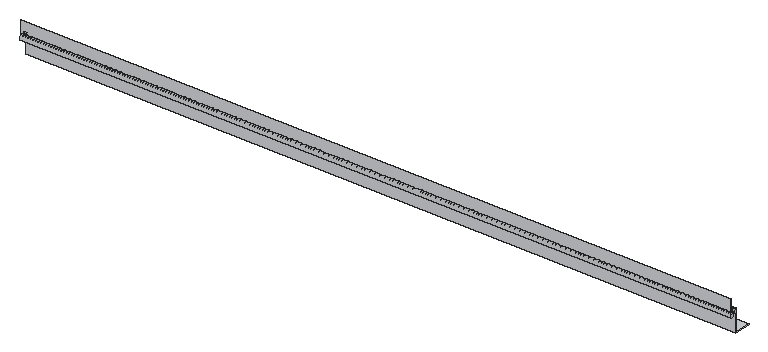
Revit family "NOVOJUNTA PRO BASIC ancho 20 mm LI EST y perimetral", category Modelos genéricos, Revit 2019 (continued)
Automatic sketch dimensions
  Extrusion 10 sketch curve to level = 9.595 mm
  Extrusion 10 sketch curve to Extrusion 10 sketch curve = 0.476 mm
  Extrusion 10 sketch curve to Extrusion 10 sketch curve = 0.8 mm
  Extrusion 10 sketch curve to level = 9.104 mm
  Extrusion 10 sketch curve to Extrusion 10 sketch curve = 0.631 mm
  Extrusion 10 sketch curve to level = 2.775 mm  (x2)
  Extrusion 10 sketch curve to Extrusion 10 sketch curve = 1.101 mm
  Extrusion 10 sketch curve to Extrusion 10 sketch curve = 0.892 mm
  Extrusion 10 sketch curve to Extrusion 10 sketch curve = 0.513 mm
  Extrusion 10 sketch curve to level = 8.216 mm  (x2)
  Extrusion 10 sketch curve to Extrusion 10 sketch curve = 1.241 mm
  Extrusion 10 sketch curve to level = 2.724 mm
  Extrusion 10 sketch curve to Extrusion 10 sketch curve = 1.327 mm  (x2)
  Extrusion 10 sketch curve to level = 9.12 mm  (x2)
  Extrusion 10 sketch curve to Extrusion 10 sketch curve = 0.284 mm
  Extrusion 10 sketch curve to Extrusion 10 sketch curve = 2.6 mm
  Extrusion 10 sketch curve to level = 9.623 mm
  Extrusion 10 sketch curve to Extrusion 10 sketch curve = 0.621 mm  (x2)
  Extrusion 10 sketch curve to level = 1.913 mm
  Extrusion 10 sketch curve to Extrusion 10 sketch curve = 1.406 mm
  Extrusion 10 sketch curve to Extrusion 10 sketch curve = 4.114 mm
  Extrusion 10 sketch curve to level = 9.092 mm
  Extrusion 10 sketch curve to Extrusion 10 sketch curve = 2.043 mm
  Extrusion 10 sketch curve to Extrusion 10 sketch curve = 1.339 mm
  Extrusion 10 sketch curve to Extrusion 10 sketch curve = 1.865 mm
  Extrusion 10 sketch curve to level = 8.361 mm
  Extrusion 10 sketch curve to Extrusion 10 sketch curve = 0.356 mm
  Extrusion 10 sketch curve to Extrusion 10 sketch curve = 0.5 mm  (x2)
  Extrusion 10 sketch curve to Extrusion 10 sketch curve = 0.43 mm
  Extrusion 10 sketch curve to level = 8.393 mm
  Extrusion 10 sketch curve to Extrusion 10 sketch curve = 0.381 mm
  Extrusion 10 sketch curve to Extrusion 10 sketch curve = 1.5 mm  (x4)
  Extrusion 10 sketch curve to Extrusion 10 sketch curve = 1.935 mm
  Extrusion 10 sketch curve to Extrusion 10 sketch curve = 0.596 mm
  Extrusion 10 sketch curve to Extrusion 10 sketch curve = 2.024 mm
  Extrusion 10 sketch curve to level = 9.599 mm
  Extrusion 10 sketch curve to Extrusion 10 sketch curve = 0.73 mm
  Extrusion 10 sketch curve to level = 11.236 mm
  Extrusion 10 sketch curve to Extrusion 10 sketch curve = 1.38 mm
  Extrusion 10 sketch curve to Extrusion 10 sketch curve = 0.639 mm
  Extrusion 10 sketch curve to level = 2.773 mm
  Extrusion 10 sketch curve to Extrusion 10 sketch curve = 1.531 mm
  Extrusion 10 sketch curve to Extrusion 10 sketch curve = 0.264 mm
  Extrusion 10 sketch curve to level = 10.636 mm
  Extrusion 10 sketch curve to Extrusion 10 sketch curve = 0.911 mm
  Extrusion 10 sketch curve to Extrusion 10 sketch curve = 0.519 mm
  Extrusion 10 sketch curve to level = 10.77 mm  (x2)
  Extrusion 10 sketch curve to Extrusion 10 sketch curve = 0.425 mm
  Extrusion 10 sketch curve to level = 8.92 mm
  Extrusion 10 sketch curve to Extrusion 10 sketch curve = 0.259 mm
  Extrusion 10 sketch curve to Extrusion 10 sketch curve = 0.713 mm
  Extrusion 10 sketch curve to level = 9.605 mm
  Extrusion 10 sketch curve to Extrusion 10 sketch curve = 0.685 mm
  Extrusion 10 sketch curve to Extrusion 10 sketch curve = 0.751 mm
  Extrusion 10 sketch curve to level = 75.736 mm
  Extrusion 10 sketch curve to Extrusion 10 sketch curve = 4.395 mm
  Extrusion 10 sketch curve to Extrusion 10 sketch curve = 47.105 mm
  Extrusion 10 sketch curve to Extrusion 10 sketch curve = 2.3 mm
  Extrusion 10 sketch curve to Extrusion 10 sketch curve = 7 mm
  Extrusion 10 sketch curve to Extrusion 10 sketch curve = 0.107 mm
  Extrusion 10 sketch curve to Extrusion 10 sketch curve = 1.893 mm  (x2)
  Extrusion 10 sketch curve to Extrusion 10 sketch curve = 1.8 mm
  Extrusion 10 sketch curve to Extrusion 10 sketch curve = 0.276 mm
  Extrusion 10 sketch curve to Extrusion 10 sketch curve = 0.247 mm
  Extrusion 10 sketch curve to Extrusion 10 sketch curve = 0.503 mm
  Extrusion 10 sketch curve to Extrusion 10 sketch curve = 0.61 mm
  Extrusion 10 sketch curve to Extrusion 10 sketch curve = 0.898 mm
  Extrusion 10 sketch curve to Extrusion 10 sketch curve = 0.772 mm
  Extrusion 10 sketch curve to Extrusion 10 sketch curve = 1.28 mm
  Extrusion 10 sketch curve to Extrusion 10 sketch curve = 2.249 mm
  Extrusion 10 sketch curve to Extrusion 10 sketch curve = 0.66 mm
  Extrusion 10 sketch curve to Extrusion 10 sketch curve = 0.637 mm
  Extrusion 10 sketch curve to Extrusion 10 sketch curve = 0.223 mm
  Extrusion 10 sketch curve to Extrusion 10 sketch curve = 0.529 mm
  Extrusion 10 sketch curve to Extrusion 10 sketch curve = 2.079 mm
  Extrusion 10 sketch curve to Extrusion 10 sketch curve = 29.043 mm
  Extrusion 10 sketch curve to Extrusion 10 sketch curve = 1.119 mm
  Extrusion 10 sketch curve to Extrusion 10 sketch curve = 0.426 mm
  Extrusion 10 sketch curve to level = 11.186 mm
  Extrusion 10 sketch curve to Extrusion 10 sketch curve = 0.808 mm
  Extrusion 10 sketch curve to Extrusion 10 sketch curve = 3.537 mm
  Extrusion 10 sketch curve to Extrusion 10 sketch curve = 1.1 mm
  Extrusion 10 sketch curve to Extrusion 10 sketch curve = 0.218 mm
  Extrusion 10 sketch curve to Extrusion 10 sketch curve = 0.04 mm
  Extrusion 10 sketch curve to Extrusion 10 sketch curve = 0.273 mm
  Extrusion 10 sketch curve to Extrusion 10 sketch curve = 2.114 mm
  plane 1 "Center (Front/Back)" to Extrusion 11 sketch curve = 51.793 mm
  Extrusion 11 sketch curve to Extrusion 11 sketch curve = 3.43 mm
  Extrusion 11 sketch curve to Extrusion 11 sketch curve = 32.14 mm
  Extrusion 11 sketch curve to Extrusion 11 sketch curve = 2.93 mm
  Extrusion 11 sketch curve to Extrusion 11 sketch curve = 1 mm  (x6)
  Extrusion 11 sketch curve to Extrusion 11 sketch curve = 2.5 mm  (x2)
  Extrusion 11 sketch curve to Extrusion 11 sketch curve = 2 mm  (x2)
  Extrusion 11 sketch curve to Extrusion 11 sketch curve = 0.293 mm
  Extrusion 11 sketch curve to Extrusion 11 sketch curve = 0.515 mm
  Extrusion 11 sketch curve to Extrusion 11 sketch curve = 0.696 mm
  Extrusion 11 sketch curve to Extrusion 11 sketch curve = 0.283 mm
  Extrusion 11 sketch curve to Extrusion 11 sketch curve = 0.441 mm  (x2)
  Extrusion 11 sketch curve to Extrusion 11 sketch curve = 0.434 mm  (x2)
  Extrusion 11 sketch curve to Extrusion 11 sketch curve = 1.223 mm
  Extrusion 11 sketch curve to Extrusion 11 sketch curve = 1.327 mm
  Extrusion 11 sketch curve to Extrusion 11 sketch curve = 0.303 mm
  Extrusion 11 sketch curve to Extrusion 11 sketch curve = 0.662 mm  (x2)
  Extrusion 11 sketch curve to Extrusion 11 sketch curve = 0.027 mm
  Extrusion 11 sketch curve to Extrusion 11 sketch curve = 1.521 mm  (x2)
  Extrusion 11 sketch curve to Extrusion 11 sketch curve = 2.9 mm
  Extrusion 11 sketch curve to Extrusion 11 sketch curve = 1.129 mm  (x2)
  Extrusion 11 sketch curve to Extrusion 11 sketch curve = 0.25 mm
  Extrusion 11 sketch curve to Extrusion 11 sketch curve = 1.5 mm  (x3)
  Extrusion 11 sketch curve to Extrusion 11 sketch curve = 1.948 mm
  Extrusion 11 sketch curve to Extrusion 11 sketch curve = 0.591 mm
  Extrusion 11 sketch curve to Extrusion 11 sketch curve = 0.264 mm
  Extrusion 11 sketch curve to Extrusion 11 sketch curve = 1.224 mm
  Extrusion 11 sketch curve to Extrusion 11 sketch curve = 0.321 mm
  Extrusion 11 sketch curve to Extrusion 11 sketch curve = 1.2 mm  (x2)
  Extrusion 11 sketch curve to Extrusion 11 sketch curve = 1.115 mm
  Extrusion 11 sketch curve to Extrusion 11 sketch curve = 1.73 mm
  Extrusion 11 sketch curve to Extrusion 11 sketch curve = 35.57 mm
  Extrusion 11 sketch curve to level = 14.041 mm
  Extrusion 11 sketch curve to Extrusion 11 sketch curve = 0.007 mm  (x2)
  Extrusion 11 sketch curve to Extrusion 11 sketch curve = 0.497 mm  (x2)
  Extrusion 11 sketch curve to Extrusion 11 sketch curve = 0.502 mm  (x2)
  Extrusion 11 sketch curve to Extrusion 11 sketch curve = 1.269 mm
  Extrusion 11 sketch curve to Extrusion 11 sketch curve = 0.903 mm
  Extrusion 11 sketch curve to Extrusion 11 sketch curve = 0.904 mm
  Extrusion 11 sketch curve to Extrusion 11 sketch curve = 0.898 mm
  Extrusion 11 sketch curve to Extrusion 11 sketch curve = 0.956 mm
  Extrusion 11 sketch curve to Extrusion 11 sketch curve = 5.101 mm
  Extrusion 11 sketch curve to Extrusion 11 sketch curve = 0 mm
  Extrusion 11 sketch curve to Extrusion 11 sketch curve = 5.373 mm
  Extrusion 11 sketch curve to Extrusion 11 sketch curve = 0.051 mm
  Extrusion 11 sketch curve to Extrusion 11 sketch curve = 0.061 mm
  Extrusion 11 sketch curve to Extrusion 11 sketch curve = 0.72 mm
  Extrusion 11 sketch curve to Extrusion 11 sketch curve = 0.721 mm
  Extrusion 11 sketch curve to Extrusion 11 sketch curve = 0.228 mm  (x2)
  Extrusion 11 sketch curve to Extrusion 11 sketch curve = 2.014 mm  (x2)
  Extrusion 11 sketch curve to Extrusion 11 sketch curve = 1.913 mm
  Extrusion 11 sketch curve to Extrusion 11 sketch curve = 13.865 mm
  Extrusion 11 sketch curve to Extrusion 11 sketch curve = 0.306 mm
  Extrusion 11 sketch curve to Extrusion 11 sketch curve = 0.931 mm
  Extrusion 11 sketch curve to Extrusion 11 sketch curve = 1.232 mm  (x2)
  Extrusion 11 sketch curve to Extrusion 11 sketch curve = 0.4 mm
  Extrusion 11 sketch curve to Extrusion 11 sketch curve = 0.38 mm  (x2)
  Extrusion 11 sketch curve to Extrusion 11 sketch curve = 1.524 mm  (x2)
  Extrusion 11 sketch curve to Extrusion 11 sketch curve = 0.217 mm
  Extrusion 11 sketch curve to Extrusion 11 sketch curve = 0.93 mm
  Extrusion 11 sketch curve to Extrusion 11 sketch curve = 1.535 mm
  Extrusion 11 sketch curve to Extrusion 11 sketch curve = 0.296 mm
  Extrusion 11 sketch curve to Extrusion 11 sketch curve = 1.9 mm
  Extrusion 11 sketch curve to Extrusion 11 sketch curve = 0.246 mm
  Extrusion 11 sketch curve to Extrusion 11 sketch curve = 1.027 mm
  Extrusion 11 sketch curve to Extrusion 11 sketch curve = 0.211 mm
  Extrusion 11 sketch curve to Extrusion 11 sketch curve = 0.855 mm
  Extrusion 11 sketch curve to Extrusion 11 sketch curve = 0.419 mm
  Extrusion 11 sketch curve to Extrusion 11 sketch curve = 0.242 mm
  Extrusion 11 sketch curve to Extrusion 11 sketch curve = 2.907 mm
  Extrusion 11 sketch curve to Extrusion 11 sketch curve = 0.077 mm
  Extrusion 11 sketch curve to Extrusion 11 sketch curve = 1.328 mm
  Extrusion 11 sketch curve to Extrusion 11 sketch curve = 0.573 mm
  Extrusion 11 sketch curve to Extrusion 11 sketch curve = 0.519 mm
  Extrusion 11 sketch curve to Extrusion 11 sketch curve = 1.973 mm
  Extrusion 11 sketch curve to Extrusion 11 sketch curve = 1.193 mm
  Extrusion 11 sketch curve to Extrusion 11 sketch curve = 1.443 mm
  Extrusion 11 sketch curve to Extrusion 11 sketch curve = 2.141 mm
  Extrusion 11 sketch curve to Extrusion 11 sketch curve = 0.584 mm
  plane 1 "Center (Front/Back)" to Extrusion 12 sketch curve = 51.748 mm
  Extrusion 12 sketch curve to Extrusion 12 sketch curve = 3.43 mm
  Extrusion 12 sketch curve to Extrusion 12 sketch curve = 32.14 mm
  Extrusion 12 sketch curve to Extrusion 12 sketch curve = 2.93 mm  (x2)
  Extrusion 12 sketch curve to Extrusion 12 sketch curve = 1 mm  (x6)
  Extrusion 12 sketch curve to Extrusion 12 sketch curve = 2.5 mm  (x2)
  Extrusion 12 sketch curve to Extrusion 12 sketch curve = 2 mm
  Extrusion 12 sketch curve to Extrusion 12 sketch curve = 0.248 mm
  Extrusion 12 sketch curve to Extrusion 12 sketch curve = 0.272 mm
  Extrusion 12 sketch curve to Extrusion 12 sketch curve = 1.166 mm
  Extrusion 12 sketch curve to Extrusion 12 sketch curve = 1.201 mm
  Extrusion 12 sketch curve to Extrusion 12 sketch curve = 0.845 mm
  Extrusion 12 sketch curve to Extrusion 12 sketch curve = 0.441 mm  (x2)
  Extrusion 12 sketch curve to Extrusion 12 sketch curve = 0.434 mm  (x2)
  Extrusion 12 sketch curve to Extrusion 12 sketch curve = 1.223 mm
  Extrusion 12 sketch curve to Extrusion 12 sketch curve = 1.327 mm
  Extrusion 12 sketch curve to Extrusion 12 sketch curve = 0.303 mm
  Extrusion 12 sketch curve to Extrusion 12 sketch curve = 0.936 mm
  Extrusion 12 sketch curve to Extrusion 12 sketch curve = 0.662 mm  (x2)
  Extrusion 12 sketch curve to Extrusion 12 sketch curve = 1.406 mm
  Extrusion 12 sketch curve to Extrusion 12 sketch curve = 0.018 mm
  Extrusion 12 sketch curve to Extrusion 12 sketch curve = 1.272 mm  (x2)
  Extrusion 12 sketch curve to Extrusion 12 sketch curve = 1.5 mm  (x5)
  Extrusion 12 sketch curve to Extrusion 12 sketch curve = 1.148 mm
  Extrusion 12 sketch curve to Extrusion 12 sketch curve = 1.398 mm
  Extrusion 12 sketch curve to Extrusion 12 sketch curve = 1.521 mm  (x2)
  Extrusion 12 sketch curve to Extrusion 12 sketch curve = 2.9 mm
  Extrusion 12 sketch curve to Extrusion 12 sketch curve = 1.129 mm  (x2)
  Extrusion 12 sketch curve to Extrusion 12 sketch curve = 0.25 mm
  Extrusion 12 sketch curve to Extrusion 12 sketch curve = 1.341 mm
  Extrusion 12 sketch curve to Extrusion 12 sketch curve = 1.992 mm
  Extrusion 12 sketch curve to Extrusion 12 sketch curve = 0.524 mm
  Extrusion 12 sketch curve to Extrusion 12 sketch curve = 0.635 mm
  Extrusion 12 sketch curve to Extrusion 12 sketch curve = 1.457 mm
  Extrusion 12 sketch curve to Extrusion 12 sketch curve = 0.264 mm
  Extrusion 12 sketch curve to Extrusion 12 sketch curve = 1.032 mm
  Extrusion 12 sketch curve to Extrusion 12 sketch curve = 1.224 mm
  Extrusion 12 sketch curve to Extrusion 12 sketch curve = 0.321 mm
  Extrusion 12 sketch curve to Extrusion 12 sketch curve = 0.77 mm
  Extrusion 12 sketch curve to Extrusion 12 sketch curve = 0.251 mm
  Extrusion 12 sketch curve to Extrusion 12 sketch curve = 0.696 mm
  Extrusion 12 sketch curve to Extrusion 12 sketch curve = 1.2 mm
  Extrusion 12 sketch curve to Extrusion 12 sketch curve = 0.374 mm
  Extrusion 12 sketch curve to Extrusion 12 sketch curve = 2.751 mm
  Extrusion 12 sketch curve to Extrusion 12 sketch curve = 35.57 mm
  Extrusion 12 sketch curve to level = 22.043 mm
  Extrusion 12 sketch curve to Extrusion 12 sketch curve = 0 mm  (x2)
  Extrusion 12 sketch curve to Extrusion 12 sketch curve = 5.5 mm  (x2)
  Extrusion 12 sketch curve to Extrusion 12 sketch curve = 1.8 mm
  Extrusion 12 sketch curve to Extrusion 12 sketch curve = 0.3 mm
  Extrusion 12 sketch curve to Extrusion 12 sketch curve = 0.482 mm  (x2)
  Extrusion 12 sketch curve to Extrusion 12 sketch curve = 0.007 mm  (x2)
  Extrusion 12 sketch curve to Extrusion 12 sketch curve = 1.144 mm  (x2)
  Extrusion 12 sketch curve to Extrusion 12 sketch curve = 1.147 mm
  Extrusion 12 sketch curve to Extrusion 12 sketch curve = 0.244 mm
  Extrusion 12 sketch curve to Extrusion 12 sketch curve = 0.24 mm
  Extrusion 12 sketch curve to Extrusion 12 sketch curve = 0.304 mm
  Extrusion 12 sketch curve to Extrusion 12 sketch curve = 1.931 mm
  Extrusion 12 sketch curve to Extrusion 12 sketch curve = 0.497 mm  (x2)
  Extrusion 12 sketch curve to Extrusion 12 sketch curve = 0.208 mm
  Extrusion 12 sketch curve to Extrusion 12 sketch curve = 0.502 mm
  Extrusion 12 sketch curve to Extrusion 12 sketch curve = 0.903 mm
  Extrusion 12 sketch curve to Extrusion 12 sketch curve = 0.904 mm
  Extrusion 12 sketch curve to Extrusion 12 sketch curve = 0.898 mm
  Extrusion 12 sketch curve to Extrusion 12 sketch curve = 0.956 mm
  Extrusion 12 sketch curve to Extrusion 12 sketch curve = 5.103 mm
  Extrusion 12 sketch curve to Extrusion 12 sketch curve = 5.43 mm
  Extrusion 12 sketch curve to Extrusion 12 sketch curve = 5.373 mm
  Extrusion 12 sketch curve to Extrusion 12 sketch curve = 0.051 mm
  Extrusion 12 sketch curve to Extrusion 12 sketch curve = 0.061 mm
  Extrusion 12 sketch curve to Extrusion 12 sketch curve = 0.582 mm
  Extrusion 12 sketch curve to Extrusion 12 sketch curve = 0.571 mm
  Extrusion 12 sketch curve to Extrusion 12 sketch curve = 0.721 mm
  Extrusion 12 sketch curve to Extrusion 12 sketch curve = 0.72 mm
  Extrusion 12 sketch curve to Extrusion 12 sketch curve = 0.23 mm  (x2)
  Extrusion 12 sketch curve to Extrusion 12 sketch curve = 2.012 mm  (x2)
  Extrusion 12 sketch curve to Extrusion 12 sketch curve = 1.913 mm
  Extrusion 12 sketch curve to Extrusion 12 sketch curve = 13.865 mm
  Extrusion 12 sketch curve to Extrusion 12 sketch curve = 0.47 mm
  Extrusion 12 sketch curve to Extrusion 12 sketch curve = 0.294 mm
  plane 1 "Center (Front/Back)" to Extrusion 13 sketch curve = 65.389 mm
  Extrusion 13 sketch curve to Extrusion 13 sketch curve = 47.105 mm  (x2)
  Extrusion 13 sketch curve to Extrusion 13 sketch curve = 4.395 mm  (x2)
  Extrusion 13 sketch curve to Extrusion 13 sketch curve = 1.641 mm  (x2)
  Extrusion 13 sketch curve to Extrusion 13 sketch curve = 3.641 mm
  Extrusion 13 sketch curve to Extrusion 13 sketch curve = 0 mm  (x3)
  Extrusion 13 sketch curve to Extrusion 13 sketch curve = 0.248 mm
  Extrusion 13 sketch curve to Extrusion 13 sketch curve = 0.47 mm
  Extrusion 13 sketch curve to Extrusion 13 sketch curve = 1 mm  (x2)
  Extrusion 13 sketch curve to Extrusion 13 sketch curve = 0.696 mm  (x2)
  Extrusion 13 sketch curve to Extrusion 13 sketch curve = 1.201 mm
  Extrusion 13 sketch curve to Extrusion 13 sketch curve = 0.441 mm  (x2)
  Extrusion 13 sketch curve to Extrusion 13 sketch curve = 0.434 mm  (x2)
  Extrusion 13 sketch curve to Extrusion 13 sketch curve = 1.223 mm
  Extrusion 13 sketch curve to Extrusion 13 sketch curve = 1.327 mm
  Extrusion 13 sketch curve to Extrusion 13 sketch curve = 0.303 mm
  Extrusion 13 sketch curve to Extrusion 13 sketch curve = 0.868 mm
  Extrusion 13 sketch curve to Extrusion 13 sketch curve = 1.34 mm  (x2)
  Extrusion 13 sketch curve to Extrusion 13 sketch curve = 1.5 mm  (x4)
  Extrusion 13 sketch curve to Extrusion 13 sketch curve = 1.148 mm
  Extrusion 13 sketch curve to Extrusion 13 sketch curve = 1.398 mm
  Extrusion 13 sketch curve to Extrusion 13 sketch curve = 1.521 mm  (x2)
  Extrusion 13 sketch curve to Extrusion 13 sketch curve = 2.9 mm
  Extrusion 13 sketch curve to Extrusion 13 sketch curve = 1.129 mm  (x2)
  Extrusion 13 sketch curve to Extrusion 13 sketch curve = 0.25 mm
  Extrusion 13 sketch curve to Extrusion 13 sketch curve = 3.06 mm
  Extrusion 13 sketch curve to Extrusion 13 sketch curve = 1.794 mm
  Extrusion 13 sketch curve to Extrusion 13 sketch curve = 0.437 mm
  Extrusion 13 sketch curve to Extrusion 13 sketch curve = 0.662 mm  (x2)
  Extrusion 13 sketch curve to Extrusion 13 sketch curve = 0.264 mm
  Extrusion 13 sketch curve to Extrusion 13 sketch curve = 0.766 mm
  Extrusion 13 sketch curve to Extrusion 13 sketch curve = 1.328 mm
  Extrusion 13 sketch curve to Extrusion 13 sketch curve = 0.321 mm
  Extrusion 13 sketch curve to Extrusion 13 sketch curve = 0.719 mm
  Extrusion 13 sketch curve to Extrusion 13 sketch curve = 1.2 mm
  Extrusion 13 sketch curve to Extrusion 13 sketch curve = 0.389 mm
  Extrusion 13 sketch curve to Extrusion 13 sketch curve = 2 mm
  Extrusion 13 sketch curve to level = 40.043 mm
  Extrusion 13 sketch curve to Extrusion 13 sketch curve = 2.3 mm  (x2)
  Extrusion 13 sketch curve to Extrusion 13 sketch curve = 22.059 mm
  Extrusion 13 sketch curve to Extrusion 13 sketch curve = 2.5 mm
  Extrusion 13 sketch curve to Extrusion 13 sketch curve = 0.4 mm  (x2)
  Extrusion 13 sketch curve to Extrusion 13 sketch curve = 0.382 mm  (x2)
  Extrusion 13 sketch curve to Extrusion 13 sketch curve = 0.007 mm
  Extrusion 13 sketch curve to Extrusion 13 sketch curve = 1.526 mm
  Extrusion 13 sketch curve to Extrusion 13 sketch curve = 1.252 mm
  Extrusion 13 sketch curve to Extrusion 13 sketch curve = 0.497 mm
  Extrusion 13 sketch curve to Extrusion 13 sketch curve = 0.502 mm  (x2)
  Extrusion 13 sketch curve to Extrusion 13 sketch curve = 0.513 mm
  Extrusion 13 sketch curve to Extrusion 13 sketch curve = 0.51 mm
  Extrusion 13 sketch curve to Extrusion 13 sketch curve = 0.563 mm
  Extrusion 13 sketch curve to Extrusion 13 sketch curve = 0.077 mm
  Extrusion 13 sketch curve to Extrusion 13 sketch curve = 0.903 mm
  Extrusion 13 sketch curve to Extrusion 13 sketch curve = 0.904 mm
  Extrusion 13 sketch curve to Extrusion 13 sketch curve = 0.898 mm
  Extrusion 13 sketch curve to Extrusion 13 sketch curve = 0.956 mm
  Extrusion 13 sketch curve to Extrusion 13 sketch curve = 4.834 mm
  Extrusion 13 sketch curve to Extrusion 13 sketch curve = 5.43 mm
  Extrusion 13 sketch curve to Extrusion 13 sketch curve = 5.373 mm
  Extrusion 13 sketch curve to Extrusion 13 sketch curve = 0.051 mm
  Extrusion 13 sketch curve to Extrusion 13 sketch curve = 0.061 mm
  Extrusion 13 sketch curve to Extrusion 13 sketch curve = 0.721 mm
  Extrusion 13 sketch curve to Extrusion 13 sketch curve = 0.72 mm
  Extrusion 13 sketch curve to Extrusion 13 sketch curve = 0.33 mm
  Extrusion 13 sketch curve to Extrusion 13 sketch curve = 0.23 mm
  Extrusion 13 sketch curve to Extrusion 13 sketch curve = 2.012 mm  (x2)
  Extrusion 13 sketch curve to Extrusion 13 sketch curve = 0.043 mm
  Extrusion 13 sketch curve to Extrusion 13 sketch curve = 13.865 mm
  Extrusion 13 sketch curve to Extrusion 13 sketch curve = 0.574 mm
  Extrusion 13 sketch curve to Extrusion 13 sketch curve = 0.37 mm
  Extrusion 13 sketch curve to Extrusion 13 sketch curve = 0.777 mm
  Extrusion 13 sketch curve to Extrusion 13 sketch curve = 1.406 mm
  Extrusion 13 sketch curve to Extrusion 13 sketch curve = 0.39 mm
  Extrusion 13 sketch curve to Extrusion 13 sketch curve = 1.537 mm  (x2)
  Extrusion 13 sketch curve to Extrusion 13 sketch curve = 0.901 mm
  Extrusion 13 sketch curve to Extrusion 13 sketch curve = 0.816 mm
  Extrusion 13 sketch curve to Extrusion 13 sketch curve = 0.471 mm
  Extrusion 13 sketch curve to Extrusion 13 sketch curve = 1.259 mm
  Extrusion 13 sketch curve to Extrusion 13 sketch curve = 0.564 mm
  Extrusion 13 sketch curve to Extrusion 13 sketch curve = 2.143 mm
  plane 1 "Center (Front/Back)" to Extrusion 14 sketch curve = 78.155 mm
  Extrusion 14 sketch curve to Extrusion 14 sketch curve = 60.105 mm  (x2)
  Extrusion 14 sketch curve to Extrusion 14 sketch curve = 4.395 mm  (x2)
  Extrusion 14 sketch curve to Extrusion 14 sketch curve = 1.5 mm  (x5)
  Extrusion 14 sketch curve to Extrusion 14 sketch curve = 2 mm  (x3)
  Extrusion 14 sketch curve to Extrusion 14 sketch curve = 3.629 mm
  Extrusion 14 sketch curve to Extrusion 14 sketch curve = 0.443 mm  (x2)
  Extrusion 14 sketch curve to Extrusion 14 sketch curve = 0.29 mm
  Extrusion 14 sketch curve to Extrusion 14 sketch curve = 1 mm
  Extrusion 14 sketch curve to Extrusion 14 sketch curve = 0.63 mm
  Extrusion 14 sketch curve to Extrusion 14 sketch curve = 1.101 mm
  Extrusion 14 sketch curve to Extrusion 14 sketch curve = 0.792 mm
  Extrusion 14 sketch curve to Extrusion 14 sketch curve = 0.441 mm  (x2)
  Extrusion 14 sketch curve to Extrusion 14 sketch curve = 0.434 mm  (x2)
  Extrusion 14 sketch curve to Extrusion 14 sketch curve = 1.223 mm
  Extrusion 14 sketch curve to Extrusion 14 sketch curve = 1.327 mm
  Extrusion 14 sketch curve to Extrusion 14 sketch curve = 0.303 mm
  Extrusion 14 sketch curve to Extrusion 14 sketch curve = 0.961 mm
  Extrusion 14 sketch curve to Extrusion 14 sketch curve = 0.662 mm
  Extrusion 14 sketch curve to Extrusion 14 sketch curve = 1.406 mm
  Extrusion 14 sketch curve to Extrusion 14 sketch curve = 0.112 mm
  Extrusion 14 sketch curve to Extrusion 14 sketch curve = 1.34 mm  (x2)
  Extrusion 14 sketch curve to Extrusion 14 sketch curve = 1.055 mm
  Extrusion 14 sketch curve to Extrusion 14 sketch curve = 1.305 mm
  Extrusion 14 sketch curve to Extrusion 14 sketch curve = 1.521 mm  (x2)
  Extrusion 14 sketch curve to Extrusion 14 sketch curve = 2.9 mm
  Extrusion 14 sketch curve to Extrusion 14 sketch curve = 1.129 mm  (x2)
  Extrusion 14 sketch curve to Extrusion 14 sketch curve = 0.25 mm
  Extrusion 14 sketch curve to Extrusion 14 sketch curve = 1.248 mm
  Extrusion 14 sketch curve to Extrusion 14 sketch curve = 0.524 mm  (x2)
  Extrusion 14 sketch curve to Extrusion 14 sketch curve = 0.061 mm  (x2)
  Extrusion 14 sketch curve to Extrusion 14 sketch curve = 0.751 mm
  Extrusion 14 sketch curve to Extrusion 14 sketch curve = 0.639 mm
  Extrusion 14 sketch curve to Extrusion 14 sketch curve = 1.55 mm
  Extrusion 14 sketch curve to Extrusion 14 sketch curve = 0.264 mm
  Extrusion 14 sketch curve to Extrusion 14 sketch curve = 1.057 mm
  Extrusion 14 sketch curve to Extrusion 14 sketch curve = 1.328 mm
  Extrusion 14 sketch curve to Extrusion 14 sketch curve = 0.424 mm
  Extrusion 14 sketch curve to Extrusion 14 sketch curve = 0.004 mm
  Extrusion 14 sketch curve to Extrusion 14 sketch curve = 0.321 mm
  Extrusion 14 sketch curve to Extrusion 14 sketch curve = 0.825 mm
  Extrusion 14 sketch curve to Extrusion 14 sketch curve = 0.674 mm
  Extrusion 14 sketch curve to Extrusion 14 sketch curve = 1.1 mm
  Extrusion 14 sketch curve to Extrusion 14 sketch curve = 0.198 mm
  Extrusion 14 sketch curve to Extrusion 14 sketch curve = 1.004 mm
  Extrusion 14 sketch curve to level = 50.071 mm
  Extrusion 14 sketch curve to Extrusion 14 sketch curve = 0.029 mm  (x3)
  Extrusion 14 sketch curve to Extrusion 14 sketch curve = 0.071 mm
  Extrusion 14 sketch curve to Extrusion 14 sketch curve = 2.3 mm  (x2)
  Extrusion 14 sketch curve to Extrusion 14 sketch curve = 2.229 mm
  Extrusion 14 sketch curve to Extrusion 14 sketch curve = 9.267 mm
  Extrusion 14 sketch curve to Extrusion 14 sketch curve = 22.894 mm
  Extrusion 14 sketch curve to Extrusion 14 sketch curve = 0.038 mm
  Extrusion 14 sketch curve to Extrusion 14 sketch curve = 0.11 mm
  Extrusion 14 sketch curve to Extrusion 14 sketch curve = 1.9 mm
  Extrusion 14 sketch curve to Extrusion 14 sketch curve = 1.929 mm
  Extrusion 14 sketch curve to Extrusion 14 sketch curve = 0.382 mm  (x2)
  Extrusion 14 sketch curve to Extrusion 14 sketch curve = 0.007 mm  (x3)
  Extrusion 14 sketch curve to Extrusion 14 sketch curve = 1.504 mm
  Extrusion 14 sketch curve to Extrusion 14 sketch curve = 1.508 mm
  Extrusion 14 sketch curve to Extrusion 14 sketch curve = 1.526 mm
  Extrusion 14 sketch curve to Extrusion 14 sketch curve = 1.547 mm
  Extrusion 14 sketch curve to Extrusion 14 sketch curve = 0.519 mm
  Extrusion 14 sketch curve to Extrusion 14 sketch curve = 0.497 mm
  Extrusion 14 sketch curve to Extrusion 14 sketch curve = 0.492 mm
  Extrusion 14 sketch curve to Extrusion 14 sketch curve = 0.535 mm
  Extrusion 14 sketch curve to Extrusion 14 sketch curve = 0.574 mm
  Extrusion 14 sketch curve to Extrusion 14 sketch curve = 0.903 mm
  Extrusion 14 sketch curve to Extrusion 14 sketch curve = 0.904 mm
  Extrusion 14 sketch curve to Extrusion 14 sketch curve = 0.898 mm
  Extrusion 14 sketch curve to Extrusion 14 sketch curve = 0.956 mm
  Extrusion 14 sketch curve to Extrusion 14 sketch curve = 4.834 mm
  Extrusion 14 sketch curve to Extrusion 14 sketch curve = 0 mm
  Extrusion 14 sketch curve to Extrusion 14 sketch curve = 5.43 mm
  Extrusion 14 sketch curve to Extrusion 14 sketch curve = 5.373 mm
  Extrusion 14 sketch curve to Extrusion 14 sketch curve = 0.051 mm
  Extrusion 14 sketch curve to Extrusion 14 sketch curve = 2.127 mm
  Extrusion 14 sketch curve to Extrusion 14 sketch curve = 0.571 mm
  Extrusion 14 sketch curve to Extrusion 14 sketch curve = 0.66 mm
  Extrusion 14 sketch curve to Extrusion 14 sketch curve = 0.23 mm  (x2)
  Extrusion 14 sketch curve to Extrusion 14 sketch curve = 2.072 mm  (x2)
  Extrusion 14 sketch curve to Extrusion 14 sketch curve = 0.043 mm
  Extrusion 14 sketch curve to Extrusion 14 sketch curve = 13.865 mm
  Extrusion 14 sketch curve to Extrusion 14 sketch curve = 0.284 mm
  Extrusion 14 sketch curve to Extrusion 14 sketch curve = 0.255 mm
  Extrusion 14 sketch curve to Extrusion 14 sketch curve = 0.661 mm
  plane 1 "Center (Front/Back)" to Extrusion 15 sketch curve = 65.189 mm
  Extrusion 15 sketch curve to Extrusion 15 sketch curve = 47.105 mm  (x2)
  Extrusion 15 sketch curve to Extrusion 15 sketch curve = 4.395 mm  (x2)
  Extrusion 15 sketch curve to Extrusion 15 sketch curve = 1.5 mm  (x6)
  Extrusion 15 sketch curve to Extrusion 15 sketch curve = 2 mm  (x3)
  Extrusion 15 sketch curve to Extrusion 15 sketch curve = 0 mm  (x4)
  Extrusion 15 sketch curve to Extrusion 15 sketch curve = 0.189 mm
  Extrusion 15 sketch curve to Extrusion 15 sketch curve = 0.732 mm
  Extrusion 15 sketch curve to Extrusion 15 sketch curve = 1.107 mm
  Extrusion 15 sketch curve to Extrusion 15 sketch curve = 0.283 mm
  Extrusion 15 sketch curve to Extrusion 15 sketch curve = 0.826 mm
  Extrusion 15 sketch curve to Extrusion 15 sketch curve = 0.441 mm  (x2)
  Extrusion 15 sketch curve to Extrusion 15 sketch curve = 0.434 mm  (x3)
  Extrusion 15 sketch curve to Extrusion 15 sketch curve = 1.223 mm
  Extrusion 15 sketch curve to Extrusion 15 sketch curve = 1.327 mm
  Extrusion 15 sketch curve to Extrusion 15 sketch curve = 0.303 mm
  Extrusion 15 sketch curve to Extrusion 15 sketch curve = 1.035 mm
  Extrusion 15 sketch curve to Extrusion 15 sketch curve = 0.662 mm
  Extrusion 15 sketch curve to Extrusion 15 sketch curve = 1.406 mm
  Extrusion 15 sketch curve to Extrusion 15 sketch curve = 0.623 mm
  Extrusion 15 sketch curve to Extrusion 15 sketch curve = 1.232 mm  (x2)
  Extrusion 15 sketch curve to Extrusion 15 sketch curve = 1.089 mm
  Extrusion 15 sketch curve to Extrusion 15 sketch curve = 1.339 mm
  Extrusion 15 sketch curve to Extrusion 15 sketch curve = 1.521 mm  (x2)
  Extrusion 15 sketch curve to Extrusion 15 sketch curve = 2.9 mm
  Extrusion 15 sketch curve to Extrusion 15 sketch curve = 1.129 mm  (x2)
  Extrusion 15 sketch curve to Extrusion 15 sketch curve = 0.25 mm
  Extrusion 15 sketch curve to Extrusion 15 sketch curve = 1.268 mm
  Extrusion 15 sketch curve to Extrusion 15 sketch curve = 0.524 mm  (x2)
  Extrusion 15 sketch curve to Extrusion 15 sketch curve = 0.041 mm
  Extrusion 15 sketch curve to Extrusion 15 sketch curve = 0.729 mm
  Extrusion 15 sketch curve to Extrusion 15 sketch curve = 0.64 mm
  Extrusion 15 sketch curve to Extrusion 15 sketch curve = 1.53 mm
  Extrusion 15 sketch curve to Extrusion 15 sketch curve = 0.264 mm
  Extrusion 15 sketch curve to Extrusion 15 sketch curve = 1.144 mm
  Extrusion 15 sketch curve to Extrusion 15 sketch curve = 1.328 mm
  Extrusion 15 sketch curve to Extrusion 15 sketch curve = 0.321 mm
  Extrusion 15 sketch curve to Extrusion 15 sketch curve = 0.846 mm
  Extrusion 15 sketch curve to Extrusion 15 sketch curve = 0.674 mm
  Extrusion 15 sketch curve to Extrusion 15 sketch curve = 1.1 mm
  Extrusion 15 sketch curve to Extrusion 15 sketch curve = 0.218 mm
  Extrusion 15 sketch curve to Extrusion 15 sketch curve = 20.307 mm
  Extrusion 15 sketch curve to level = 78.036 mm
  Extrusion 15 sketch curve to Extrusion 15 sketch curve = 2.3 mm  (x2)
  Extrusion 15 sketch curve to Extrusion 15 sketch curve = 61.2 mm
  Extrusion 15 sketch curve to Extrusion 15 sketch curve = 1.9 mm
  Extrusion 15 sketch curve to Extrusion 15 sketch curve = 0.4 mm
  Extrusion 15 sketch curve to Extrusion 15 sketch curve = 0.375 mm  (x2)
  Extrusion 15 sketch curve to Extrusion 15 sketch curve = 0.007 mm  (x2)
  Extrusion 15 sketch curve to Extrusion 15 sketch curve = 1.498 mm
  Extrusion 15 sketch curve to Extrusion 15 sketch curve = 1.508 mm
  Extrusion 15 sketch curve to Extrusion 15 sketch curve = 1.519 mm
  Extrusion 15 sketch curve to Extrusion 15 sketch curve = 0.272 mm
  Extrusion 15 sketch curve to Extrusion 15 sketch curve = 1.831 mm
  Extrusion 15 sketch curve to Extrusion 15 sketch curve = 0.312 mm
  Extrusion 15 sketch curve to Extrusion 15 sketch curve = 0.497 mm
  Extrusion 15 sketch curve to Extrusion 15 sketch curve = 0.518 mm
  Extrusion 15 sketch curve to Extrusion 15 sketch curve = 0.201 mm
  Extrusion 15 sketch curve to Extrusion 15 sketch curve = 0.903 mm
  Extrusion 15 sketch curve to Extrusion 15 sketch curve = 0.904 mm
  Extrusion 15 sketch curve to Extrusion 15 sketch curve = 0.898 mm
  Extrusion 15 sketch curve to Extrusion 15 sketch curve = 0.956 mm
  Extrusion 15 sketch curve to Extrusion 15 sketch curve = 5.096 mm
  Extrusion 15 sketch curve to Extrusion 15 sketch curve = 5.43 mm
  Extrusion 15 sketch curve to Extrusion 15 sketch curve = 5.373 mm
  Extrusion 15 sketch curve to Extrusion 15 sketch curve = 0.051 mm
  Extrusion 15 sketch curve to Extrusion 15 sketch curve = 0.061 mm
  Extrusion 15 sketch curve to Extrusion 15 sketch curve = 0.589 mm
  Extrusion 15 sketch curve to Extrusion 15 sketch curve = 2.134 mm
  Extrusion 15 sketch curve to Extrusion 15 sketch curve = 0.66 mm
  Extrusion 15 sketch curve to Extrusion 15 sketch curve = 0.721 mm
  Extrusion 15 sketch curve to Extrusion 15 sketch curve = 0.223 mm  (x2)
  Extrusion 15 sketch curve to Extrusion 15 sketch curve = 2.079 mm
  Extrusion 15 sketch curve to Extrusion 15 sketch curve = 2.019 mm
  Extrusion 15 sketch curve to Extrusion 15 sketch curve = 1.913 mm
  Extrusion 15 sketch curve to Extrusion 15 sketch curve = 13.865 mm
  Extrusion 15 sketch curve to Extrusion 15 sketch curve = 0.324 mm
  plane 1 "Center (Front/Back)" to Extrusion 16 sketch curve = 45.293 mm
  Extrusion 16 sketch curve to Extrusion 16 sketch curve = 33 mm
  Extrusion 16 sketch curve to Extrusion 16 sketch curve = 2.044 mm
  Extrusion 16 sketch curve to Extrusion 16 sketch curve = 2.293 mm
  Extrusion 16 sketch curve to Extrusion 16 sketch curve = 0.8 mm
  Extrusion 16 sketch curve to Extrusion 16 sketch curve = 1.201 mm
  Extrusion 16 sketch curve to Extrusion 16 sketch curve = 0.441 mm  (x2)
  Extrusion 16 sketch curve to Extrusion 16 sketch curve = 0.434 mm  (x2)
  Extrusion 16 sketch curve to Extrusion 16 sketch curve = 1.223 mm
  Extrusion 16 sketch curve to Extrusion 16 sketch curve = 1.327 mm
  Extrusion 16 sketch curve to Extrusion 16 sketch curve = 0.303 mm
  Extrusion 16 sketch curve to Extrusion 16 sketch curve = 2.6 mm
  Extrusion 16 sketch curve to Extrusion 16 sketch curve = 0.641 mm  (x2)
  Extrusion 16 sketch curve to Extrusion 16 sketch curve = 1.337 mm
  Extrusion 16 sketch curve to Extrusion 16 sketch curve = 4.114 mm
  Extrusion 16 sketch curve to Extrusion 16 sketch curve = 0.069 mm
  Extrusion 16 sketch curve to Extrusion 16 sketch curve = 1.973 mm
  Extrusion 16 sketch curve to Extrusion 16 sketch curve = 1.193 mm
  Extrusion 16 sketch curve to Extrusion 16 sketch curve = 1.443 mm
  Extrusion 16 sketch curve to Extrusion 16 sketch curve = 1.521 mm  (x2)
  Extrusion 16 sketch curve to Extrusion 16 sketch curve = 2.9 mm  (x2)
  Extrusion 16 sketch curve to Extrusion 16 sketch curve = 1.129 mm  (x2)
  Extrusion 16 sketch curve to Extrusion 16 sketch curve = 0.25 mm
  Extrusion 16 sketch curve to Extrusion 16 sketch curve = 1.386 mm
  Extrusion 16 sketch curve to Extrusion 16 sketch curve = 1.5 mm  (x2)
  Extrusion 16 sketch curve to Extrusion 16 sketch curve = 1.948 mm
  Extrusion 16 sketch curve to Extrusion 16 sketch curve = 0.077 mm
  Extrusion 16 sketch curve to Extrusion 16 sketch curve = 0.612 mm
  Extrusion 16 sketch curve to Extrusion 16 sketch curve = 1.232 mm
  Extrusion 16 sketch curve to Extrusion 16 sketch curve = 1.412 mm
  Extrusion 16 sketch curve to Extrusion 16 sketch curve = 0.264 mm
  Extrusion 16 sketch curve to Extrusion 16 sketch curve = 1.027 mm
  Extrusion 16 sketch curve to Extrusion 16 sketch curve = 1.224 mm
  Extrusion 16 sketch curve to Extrusion 16 sketch curve = 0.321 mm
  Extrusion 16 sketch curve to Extrusion 16 sketch curve = 0.855 mm
  Extrusion 16 sketch curve to Extrusion 16 sketch curve = 0.211 mm
  Extrusion 16 sketch curve to Extrusion 16 sketch curve = 0.675 mm
  Extrusion 16 sketch curve to Extrusion 16 sketch curve = 1.2 mm  (x2)
  Extrusion 16 sketch curve to Extrusion 16 sketch curve = 0.236 mm
  Extrusion 16 sketch curve to Extrusion 16 sketch curve = 1 mm  (x3)
  Extrusion 16 sketch curve to Extrusion 16 sketch curve = 2.711 mm
  Extrusion 16 sketch curve to Extrusion 16 sketch curve = 1.73 mm
  Extrusion 16 sketch curve to Extrusion 16 sketch curve = 35.57 mm
  Extrusion 16 sketch curve to level = 23.041 mm
  Extrusion 16 sketch curve to Extrusion 16 sketch curve = 0 mm  (x2)
  Extrusion 16 sketch curve to Extrusion 16 sketch curve = 7 mm
  Extrusion 16 sketch curve to Extrusion 16 sketch curve = 0.107 mm
  Extrusion 16 sketch curve to Extrusion 16 sketch curve = 2 mm
  Extrusion 16 sketch curve to Extrusion 16 sketch curve = 9 mm
  Extrusion 16 sketch curve to Extrusion 16 sketch curve = 1.9 mm
  Extrusion 16 sketch curve to Extrusion 16 sketch curve = 0.38 mm  (x2)
  Extrusion 16 sketch curve to Extrusion 16 sketch curve = 0.007 mm  (x2)
  Extrusion 16 sketch curve to Extrusion 16 sketch curve = 1.503 mm  (x2)
  Extrusion 16 sketch curve to Extrusion 16 sketch curve = 1.514 mm
  Extrusion 16 sketch curve to Extrusion 16 sketch curve = 0.267 mm
  Extrusion 16 sketch curve to Extrusion 16 sketch curve = 0.263 mm
  Extrusion 16 sketch curve to Extrusion 16 sketch curve = 0.22 mm
  Extrusion 16 sketch curve to Extrusion 16 sketch curve = 0.518 mm  (x2)
  Extrusion 16 sketch curve to Extrusion 16 sketch curve = 0.523 mm
  Extrusion 16 sketch curve to Extrusion 16 sketch curve = 1.269 mm
  Extrusion 16 sketch curve to Extrusion 16 sketch curve = 0.207 mm
  Extrusion 16 sketch curve to Extrusion 16 sketch curve = 0.903 mm
  Extrusion 16 sketch curve to Extrusion 16 sketch curve = 0.904 mm
  Extrusion 16 sketch curve to Extrusion 16 sketch curve = 0.898 mm
  Extrusion 16 sketch curve to Extrusion 16 sketch curve = 0.956 mm
  Extrusion 16 sketch curve to Extrusion 16 sketch curve = 5.101 mm
  Extrusion 16 sketch curve to Extrusion 16 sketch curve = 5.43 mm
  Extrusion 16 sketch curve to Extrusion 16 sketch curve = 5.373 mm
  Extrusion 16 sketch curve to Extrusion 16 sketch curve = 0.051 mm
  Extrusion 16 sketch curve to Extrusion 16 sketch curve = 0.061 mm
  Extrusion 16 sketch curve to Extrusion 16 sketch curve = 0.484 mm
  Extrusion 16 sketch curve to Extrusion 16 sketch curve = 0.573 mm
  Extrusion 16 sketch curve to Extrusion 16 sketch curve = 0.72 mm
  Extrusion 16 sketch curve to Extrusion 16 sketch curve = 0.721 mm
  Extrusion 16 sketch curve to Extrusion 16 sketch curve = 0.228 mm
  Extrusion 16 sketch curve to Extrusion 16 sketch curve = 0.328 mm
  Extrusion 16 sketch curve to Extrusion 16 sketch curve = 0.414 mm
  Extrusion 16 sketch curve to Extrusion 16 sketch curve = 2.014 mm
  Extrusion 16 sketch curve to Extrusion 16 sketch curve = 2.054 mm
  Extrusion 16 sketch curve to Extrusion 16 sketch curve = 13.865 mm
  Extrusion 16 sketch curve to Extrusion 16 sketch curve = 29.043 mm
  Extrusion 16 sketch curve to Extrusion 16 sketch curve = 0.63 mm
  Extrusion 16 sketch curve to Extrusion 16 sketch curve = 0.491 mm
  Extrusion 16 sketch curve to Extrusion 16 sketch curve = 1.494 mm
  Extrusion 16 sketch curve to Extrusion 16 sketch curve = 4.157 mm
  Extrusion 16 sketch curve to Extrusion 16 sketch curve = 0.581 mm
  Extrusion 16 sketch curve to Extrusion 16 sketch curve = 0.151 mm
  Extrusion 16 sketch curve to Extrusion 16 sketch curve = 0.93 mm
  Extrusion 16 sketch curve to Extrusion 16 sketch curve = 0.931 mm
  plane 1 "Center (Front/Back)" to Extrusion 17 sketch curve = 45.293 mm
  Extrusion 17 sketch curve to Extrusion 17 sketch curve = 33 mm  (x2)
  Extrusion 17 sketch curve to Extrusion 17 sketch curve = 2 mm
  Extrusion 17 sketch curve to Extrusion 17 sketch curve = 0 mm  (x4)
  Extrusion 17 sketch curve to Extrusion 17 sketch curve = 2.044 mm
  Extrusion 17 sketch curve to Extrusion 17 sketch curve = 2.293 mm
  Extrusion 17 sketch curve to Extrusion 17 sketch curve = 0.8 mm
  Extrusion 17 sketch curve to Extrusion 17 sketch curve = 1.201 mm
  Extrusion 17 sketch curve to Extrusion 17 sketch curve = 0.441 mm  (x2)
  Extrusion 17 sketch curve to Extrusion 17 sketch curve = 0.434 mm  (x2)
  Extrusion 17 sketch curve to Extrusion 17 sketch curve = 1.223 mm
  Extrusion 17 sketch curve to Extrusion 17 sketch curve = 1.327 mm
  Extrusion 17 sketch curve to Extrusion 17 sketch curve = 0.303 mm
  Extrusion 17 sketch curve to Extrusion 17 sketch curve = 2.6 mm
  Extrusion 17 sketch curve to Extrusion 17 sketch curve = 0.662 mm  (x2)
  Extrusion 17 sketch curve to Extrusion 17 sketch curve = 0.757 mm
  Extrusion 17 sketch curve to Extrusion 17 sketch curve = 1.973 mm
  Extrusion 17 sketch curve to Extrusion 17 sketch curve = 1.193 mm
  Extrusion 17 sketch curve to Extrusion 17 sketch curve = 1.443 mm
  Extrusion 17 sketch curve to Extrusion 17 sketch curve = 1.521 mm  (x2)
  Extrusion 17 sketch curve to Extrusion 17 sketch curve = 2.9 mm  (x2)
  Extrusion 17 sketch curve to Extrusion 17 sketch curve = 1.129 mm  (x2)
  Extrusion 17 sketch curve to Extrusion 17 sketch curve = 0.25 mm
  Extrusion 17 sketch curve to Extrusion 17 sketch curve = 2.862 mm
  Extrusion 17 sketch curve to Extrusion 17 sketch curve = 1.5 mm  (x4)
  Extrusion 17 sketch curve to Extrusion 17 sketch curve = 1.992 mm
  Extrusion 17 sketch curve to Extrusion 17 sketch curve = 0.032 mm
  Extrusion 17 sketch curve to Extrusion 17 sketch curve = 0.635 mm
  Extrusion 17 sketch curve to Extrusion 17 sketch curve = 0.264 mm
  Extrusion 17 sketch curve to Extrusion 17 sketch curve = 1.328 mm
  Extrusion 17 sketch curve to Extrusion 17 sketch curve = 0.321 mm
  Extrusion 17 sketch curve to Extrusion 17 sketch curve = 0.696 mm  (x2)
  Extrusion 17 sketch curve to Extrusion 17 sketch curve = 1.2 mm
  Extrusion 17 sketch curve to Extrusion 17 sketch curve = 1 mm  (x3)
  Extrusion 17 sketch curve to Extrusion 17 sketch curve = 2.93 mm
  Extrusion 17 sketch curve to Extrusion 17 sketch curve = 35.57 mm
  Extrusion 17 sketch curve to level = 23.041 mm
  Extrusion 17 sketch curve to Extrusion 17 sketch curve = 0.998 mm
  Extrusion 17 sketch curve to Extrusion 17 sketch curve = 7 mm
  Extrusion 17 sketch curve to Extrusion 17 sketch curve = 0.107 mm
  Extrusion 17 sketch curve to Extrusion 17 sketch curve = 5.5 mm
  Extrusion 17 sketch curve to Extrusion 17 sketch curve = 1.893 mm
  Extrusion 17 sketch curve to Extrusion 17 sketch curve = 0.007 mm  (x2)
  Extrusion 17 sketch curve to Extrusion 17 sketch curve = 0.497 mm  (x2)
  Extrusion 17 sketch curve to Extrusion 17 sketch curve = 0.502 mm  (x2)
  Extrusion 17 sketch curve to Extrusion 17 sketch curve = 1.269 mm
  Extrusion 17 sketch curve to Extrusion 17 sketch curve = 0.24 mm
  Extrusion 17 sketch curve to Extrusion 17 sketch curve = 0.903 mm
  Extrusion 17 sketch curve to Extrusion 17 sketch curve = 0.904 mm
  Extrusion 17 sketch curve to Extrusion 17 sketch curve = 0.898 mm
  Extrusion 17 sketch curve to Extrusion 17 sketch curve = 0.956 mm
  Extrusion 17 sketch curve to Extrusion 17 sketch curve = 5.103 mm
  Extrusion 17 sketch curve to Extrusion 17 sketch curve = 5.43 mm
  Extrusion 17 sketch curve to Extrusion 17 sketch curve = 5.373 mm
  Extrusion 17 sketch curve to Extrusion 17 sketch curve = 0.051 mm
  Extrusion 17 sketch curve to Extrusion 17 sketch curve = 0.061 mm
  Extrusion 17 sketch curve to Extrusion 17 sketch curve = 0.72 mm
  Extrusion 17 sketch curve to Extrusion 17 sketch curve = 0.721 mm
  Extrusion 17 sketch curve to Extrusion 17 sketch curve = 0.414 mm
  Extrusion 17 sketch curve to Extrusion 17 sketch curve = 2.012 mm
  Extrusion 17 sketch curve to Extrusion 17 sketch curve = 2.054 mm
  Extrusion 17 sketch curve to Extrusion 17 sketch curve = 13.865 mm
  Extrusion 17 sketch curve to Extrusion 17 sketch curve = 13.538 mm
  Extrusion 17 sketch curve to Extrusion 17 sketch curve = 1.457 mm
  Extrusion 17 sketch curve to Extrusion 17 sketch curve = 0.571 mm
  Extrusion 17 sketch curve to Extrusion 17 sketch curve = 0.23 mm
  Extrusion 17 sketch curve to Extrusion 17 sketch curve = 0.476 mm
  Extrusion 17 sketch curve to Extrusion 17 sketch curve = 0.069 mm
  Extrusion 17 sketch curve to Extrusion 17 sketch curve = 2.241 mm
  Extrusion 17 sketch curve to Extrusion 17 sketch curve = 0.328 mm
  Extrusion 17 sketch curve to Extrusion 17 sketch curve = 0.374 mm
  Extrusion 17 sketch curve to Extrusion 17 sketch curve = 0.81 mm
  Extrusion 17 sketch curve to Extrusion 17 sketch curve = 0.211 mm
  Extrusion 17 sketch curve to Extrusion 17 sketch curve = 1.9 mm
  Extrusion 17 sketch curve to Extrusion 17 sketch curve = 1.537 mm
  Extrusion 17 sketch curve to Extrusion 17 sketch curve = 1.232 mm
  Extrusion 17 sketch curve to Extrusion 17 sketch curve = 1.072 mm
  Extrusion 17 sketch curve to Extrusion 17 sketch curve = 0.382 mm
  Extrusion 17 sketch curve to Extrusion 17 sketch curve = 1.526 mm
  Extrusion 17 sketch curve to Extrusion 17 sketch curve = 0.244 mm
  Extrusion 17 sketch curve to Extrusion 17 sketch curve = 0.199 mm
  Extrusion 17 sketch curve to Extrusion 17 sketch curve = 0.931 mm
  Extrusion 17 sketch curve to Extrusion 17 sketch curve = 0.38 mm
  Extrusion 17 sketch curve to Extrusion 17 sketch curve = 1.524 mm
  Extrusion 17 sketch curve to Extrusion 17 sketch curve = 0.515 mm
  Extrusion 17 sketch curve to Extrusion 17 sketch curve = 0.217 mm
  Extrusion 17 sketch curve to Extrusion 17 sketch curve = 0.93 mm
  Extrusion 17 sketch curve to Extrusion 17 sketch curve = 0.296 mm
  plane 1 "Center (Front/Back)" to Extrusion 18 sketch curve = 45.347 mm
  Extrusion 18 sketch curve to Extrusion 18 sketch curve = 33 mm
  Extrusion 18 sketch curve to Extrusion 18 sketch curve = 2 mm  (x3)
  Extrusion 18 sketch curve to Extrusion 18 sketch curve = 0 mm  (x3)
  Extrusion 18 sketch curve to Extrusion 18 sketch curve = 2.044 mm
  Extrusion 18 sketch curve to Extrusion 18 sketch curve = 2.347 mm
  Extrusion 18 sketch curve to Extrusion 18 sketch curve = 0.8 mm
  Extrusion 18 sketch curve to Extrusion 18 sketch curve = 0.696 mm  (x2)
  Extrusion 18 sketch curve to Extrusion 18 sketch curve = 0.283 mm
  Extrusion 18 sketch curve to Extrusion 18 sketch curve = 0.441 mm  (x2)
  Extrusion 18 sketch curve to Extrusion 18 sketch curve = 0.434 mm  (x2)
  Extrusion 18 sketch curve to Extrusion 18 sketch curve = 1.223 mm
  Extrusion 18 sketch curve to Extrusion 18 sketch curve = 1.327 mm
  Extrusion 18 sketch curve to Extrusion 18 sketch curve = 0.303 mm
  Extrusion 18 sketch curve to Extrusion 18 sketch curve = 2.6 mm
  Extrusion 18 sketch curve to Extrusion 18 sketch curve = 4.114 mm
  Extrusion 18 sketch curve to Extrusion 18 sketch curve = 2.043 mm
  Extrusion 18 sketch curve to Extrusion 18 sketch curve = 1.247 mm
  Extrusion 18 sketch curve to Extrusion 18 sketch curve = 1.497 mm
  Extrusion 18 sketch curve to Extrusion 18 sketch curve = 1.521 mm  (x2)
  Extrusion 18 sketch curve to Extrusion 18 sketch curve = 2.9 mm  (x2)
  Extrusion 18 sketch curve to Extrusion 18 sketch curve = 1.129 mm  (x2)
  Extrusion 18 sketch curve to Extrusion 18 sketch curve = 0.25 mm
  Extrusion 18 sketch curve to Extrusion 18 sketch curve = 1.5 mm  (x3)
  Extrusion 18 sketch curve to Extrusion 18 sketch curve = 1.893 mm  (x2)
  Extrusion 18 sketch curve to Extrusion 18 sketch curve = 0.536 mm
  Extrusion 18 sketch curve to Extrusion 18 sketch curve = 1.232 mm
  Extrusion 18 sketch curve to Extrusion 18 sketch curve = 0.662 mm  (x2)
  Extrusion 18 sketch curve to Extrusion 18 sketch curve = 0.264 mm
  Extrusion 18 sketch curve to Extrusion 18 sketch curve = 0.972 mm
  Extrusion 18 sketch curve to Extrusion 18 sketch curve = 1.224 mm
  Extrusion 18 sketch curve to Extrusion 18 sketch curve = 0.321 mm
  Extrusion 18 sketch curve to Extrusion 18 sketch curve = 0.62 mm
  Extrusion 18 sketch curve to Extrusion 18 sketch curve = 0.91 mm
  Extrusion 18 sketch curve to Extrusion 18 sketch curve = 1.2 mm
  Extrusion 18 sketch curve to Extrusion 18 sketch curve = 0.29 mm
  Extrusion 18 sketch curve to Extrusion 18 sketch curve = 1 mm
  Extrusion 18 sketch curve to Extrusion 18 sketch curve = 4.395 mm
  Extrusion 18 sketch curve to Extrusion 18 sketch curve = 47.105 mm
  Extrusion 18 sketch curve to level = 40.043 mm
  Extrusion 18 sketch curve to Extrusion 18 sketch curve = 2.3 mm
  Extrusion 18 sketch curve to Extrusion 18 sketch curve = 13.2 mm
  Extrusion 18 sketch curve to Extrusion 18 sketch curve = 7 mm
  Extrusion 18 sketch curve to Extrusion 18 sketch curve = 0.107 mm
  Extrusion 18 sketch curve to Extrusion 18 sketch curve = 0.4 mm
  Extrusion 18 sketch curve to Extrusion 18 sketch curve = 0.382 mm  (x2)
  Extrusion 18 sketch curve to Extrusion 18 sketch curve = 0.007 mm  (x2)
  Extrusion 18 sketch curve to Extrusion 18 sketch curve = 1.526 mm  (x2)
  Extrusion 18 sketch curve to Extrusion 18 sketch curve = 1.537 mm  (x2)
  Extrusion 18 sketch curve to Extrusion 18 sketch curve = 0.244 mm
  Extrusion 18 sketch curve to Extrusion 18 sketch curve = 0.24 mm
  Extrusion 18 sketch curve to Extrusion 18 sketch curve = 0.497 mm
  Extrusion 18 sketch curve to Extrusion 18 sketch curve = 0.299 mm
  Extrusion 18 sketch curve to Extrusion 18 sketch curve = 0.502 mm  (x2)
  Extrusion 18 sketch curve to Extrusion 18 sketch curve = 0.294 mm
  Extrusion 18 sketch curve to Extrusion 18 sketch curve = 0.903 mm
  Extrusion 18 sketch curve to Extrusion 18 sketch curve = 0.904 mm
  Extrusion 18 sketch curve to Extrusion 18 sketch curve = 0.898 mm
  Extrusion 18 sketch curve to Extrusion 18 sketch curve = 0.956 mm
  Extrusion 18 sketch curve to Extrusion 18 sketch curve = 5.103 mm
  Extrusion 18 sketch curve to Extrusion 18 sketch curve = 5.43 mm
  Extrusion 18 sketch curve to Extrusion 18 sketch curve = 5.373 mm
  Extrusion 18 sketch curve to Extrusion 18 sketch curve = 0.051 mm
  Extrusion 18 sketch curve to Extrusion 18 sketch curve = 0.061 mm
  Extrusion 18 sketch curve to Extrusion 18 sketch curve = 0.721 mm
  Extrusion 18 sketch curve to Extrusion 18 sketch curve = 0.72 mm
  Extrusion 18 sketch curve to Extrusion 18 sketch curve = 0.471 mm
  Extrusion 18 sketch curve to Extrusion 18 sketch curve = 0.412 mm
  Extrusion 18 sketch curve to Extrusion 18 sketch curve = 2.012 mm
  Extrusion 18 sketch curve to Extrusion 18 sketch curve = 2.054 mm
  Extrusion 18 sketch curve to Extrusion 18 sketch curve = 13.865 mm
  Extrusion 18 sketch curve to Extrusion 18 sketch curve = 29.043 mm
  Extrusion 18 sketch curve to Extrusion 18 sketch curve = 0.422 mm
  Extrusion 18 sketch curve to Extrusion 18 sketch curve = 0.198 mm
  Extrusion 18 sketch curve to Extrusion 18 sketch curve = 0.877 mm
  Extrusion 18 sketch curve to Extrusion 18 sketch curve = 0.569 mm
  Extrusion 18 sketch curve to Extrusion 18 sketch curve = 0.163 mm
  Extrusion 18 sketch curve to Extrusion 18 sketch curve = 0.984 mm
  Extrusion 18 sketch curve to Extrusion 18 sketch curve = 1.44 mm
  Extrusion 18 sketch curve to Extrusion 18 sketch curve = 0.708 mm
  Extrusion 18 sketch curve to Extrusion 18 sketch curve = 1.328 mm
  Extrusion 18 sketch curve to Extrusion 18 sketch curve = 0.33 mm  (x2)
  Extrusion 18 sketch curve to Extrusion 18 sketch curve = 0.123 mm
  Extrusion 18 sketch curve to Extrusion 18 sketch curve = 0.482 mm
  plane 1 "Center (Front/Back)" to Extrusion 19 sketch curve = 45.155 mm
  Extrusion 19 sketch curve to Extrusion 19 sketch curve = 33 mm
  Extrusion 19 sketch curve to Extrusion 19 sketch curve = 2 mm  (x3)
  Extrusion 19 sketch curve to Extrusion 19 sketch curve = 2.044 mm
  Extrusion 19 sketch curve to Extrusion 19 sketch curve = 0.8 mm
  Extrusion 19 sketch curve to Extrusion 19 sketch curve = 0.656 mm
  Extrusion 19 sketch curve to Extrusion 19 sketch curve = 1.101 mm
  Extrusion 19 sketch curve to Extrusion 19 sketch curve = 0.441 mm  (x2)
  Extrusion 19 sketch curve to Extrusion 19 sketch curve = 0.434 mm  (x2)
  Extrusion 19 sketch curve to Extrusion 19 sketch curve = 1.223 mm
  Extrusion 19 sketch curve to Extrusion 19 sketch curve = 1.327 mm
  Extrusion 19 sketch curve to Extrusion 19 sketch curve = 0.303 mm
  Extrusion 19 sketch curve to Extrusion 19 sketch curve = 2.6 mm
  Extrusion 19 sketch curve to Extrusion 19 sketch curve = 0.662 mm  (x2)
  Extrusion 19 sketch curve to Extrusion 19 sketch curve = 1.406 mm
  Extrusion 19 sketch curve to Extrusion 19 sketch curve = 4.114 mm
  Extrusion 19 sketch curve to Extrusion 19 sketch curve = 2.043 mm
  Extrusion 19 sketch curve to Extrusion 19 sketch curve = 1.055 mm
  Extrusion 19 sketch curve to Extrusion 19 sketch curve = 1.305 mm
  Extrusion 19 sketch curve to Extrusion 19 sketch curve = 1.521 mm  (x2)
  Extrusion 19 sketch curve to Extrusion 19 sketch curve = 2.9 mm  (x2)
  Extrusion 19 sketch curve to Extrusion 19 sketch curve = 1.129 mm  (x2)
  Extrusion 19 sketch curve to Extrusion 19 sketch curve = 0.25 mm
  Extrusion 19 sketch curve to Extrusion 19 sketch curve = 2.769 mm
  Extrusion 19 sketch curve to Extrusion 19 sketch curve = 1.5 mm  (x3)
  Extrusion 19 sketch curve to Extrusion 19 sketch curve = 2.024 mm
  Extrusion 19 sketch curve to Extrusion 19 sketch curve = 0.729 mm
  Extrusion 19 sketch curve to Extrusion 19 sketch curve = 0.264 mm
  Extrusion 19 sketch curve to Extrusion 19 sketch curve = 1.224 mm
  Extrusion 19 sketch curve to Extrusion 19 sketch curve = 0.424 mm
  Extrusion 19 sketch curve to Extrusion 19 sketch curve = 0.004 mm
  Extrusion 19 sketch curve to Extrusion 19 sketch curve = 0.321 mm
  Extrusion 19 sketch curve to Extrusion 19 sketch curve = 4.395 mm
  Extrusion 19 sketch curve to Extrusion 19 sketch curve = 60.105 mm
  Extrusion 19 sketch curve to level = 50.071 mm
  Extrusion 19 sketch curve to Extrusion 19 sketch curve = 0.071 mm  (x2)
  Extrusion 19 sketch curve to Extrusion 19 sketch curve = 2.229 mm
  Extrusion 19 sketch curve to Extrusion 19 sketch curve = 9.267 mm
  Extrusion 19 sketch curve to Extrusion 19 sketch curve = 13.983 mm
  Extrusion 19 sketch curve to Extrusion 19 sketch curve = 0 mm  (x2)
  Extrusion 19 sketch curve to Extrusion 19 sketch curve = 7 mm
  Extrusion 19 sketch curve to Extrusion 19 sketch curve = 0.107 mm
  Extrusion 19 sketch curve to Extrusion 19 sketch curve = 1.805 mm
  Extrusion 19 sketch curve to Extrusion 19 sketch curve = 1.893 mm
  Extrusion 19 sketch curve to Extrusion 19 sketch curve = 0.11 mm
  Extrusion 19 sketch curve to Extrusion 19 sketch curve = 0.029 mm
  Extrusion 19 sketch curve to Extrusion 19 sketch curve = 0.361 mm
  Extrusion 19 sketch curve to Extrusion 19 sketch curve = 1.505 mm
  Extrusion 19 sketch curve to Extrusion 19 sketch curve = 0.488 mm
  Extrusion 19 sketch curve to Extrusion 19 sketch curve = 0.497 mm  (x2)
  Extrusion 19 sketch curve to Extrusion 19 sketch curve = 0.473 mm
  Extrusion 19 sketch curve to Extrusion 19 sketch curve = 0.903 mm
  Extrusion 19 sketch curve to Extrusion 19 sketch curve = 0.904 mm
  Extrusion 19 sketch curve to Extrusion 19 sketch curve = 0.898 mm
  Extrusion 19 sketch curve to Extrusion 19 sketch curve = 0.956 mm
  Extrusion 19 sketch curve to Extrusion 19 sketch curve = 5.132 mm
  Extrusion 19 sketch curve to Extrusion 19 sketch curve = 5.43 mm
  Extrusion 19 sketch curve to Extrusion 19 sketch curve = 5.373 mm
  Extrusion 19 sketch curve to Extrusion 19 sketch curve = 0.051 mm
  Extrusion 19 sketch curve to Extrusion 19 sketch curve = 0.061 mm  (x2)
  Extrusion 19 sketch curve to Extrusion 19 sketch curve = 0.503 mm
  Extrusion 19 sketch curve to Extrusion 19 sketch curve = 0.661 mm
  Extrusion 19 sketch curve to Extrusion 19 sketch curve = 0.66 mm
  Extrusion 19 sketch curve to Extrusion 19 sketch curve = 0.308 mm
  Extrusion 19 sketch curve to Extrusion 19 sketch curve = 0.493 mm
  Extrusion 19 sketch curve to Extrusion 19 sketch curve = 2.114 mm
  Extrusion 19 sketch curve to Extrusion 19 sketch curve = 13.865 mm
  Extrusion 19 sketch curve to Extrusion 19 sketch curve = 29.043 mm
  Extrusion 19 sketch curve to Extrusion 19 sketch curve = 0.696 mm
  Extrusion 19 sketch curve to Extrusion 19 sketch curve = 0.281 mm
  Extrusion 19 sketch curve to Extrusion 19 sketch curve = 0.057 mm
